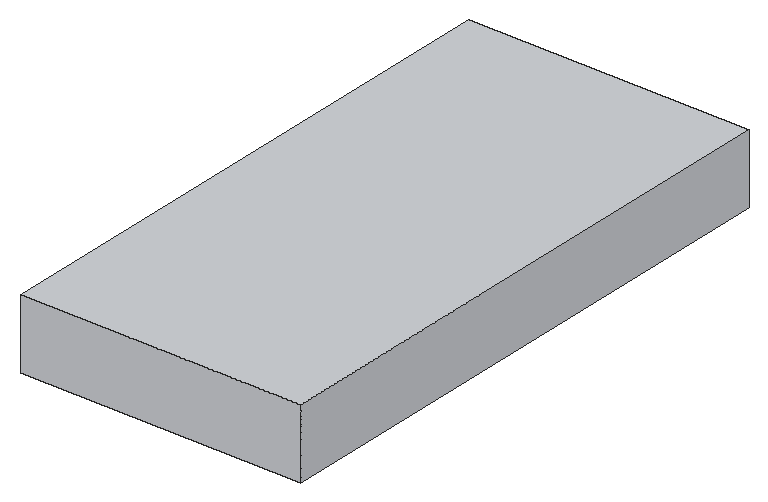
Revit family "Test", category Generic Models, Revit 2021
Family settings
  Can host rebar = No
  Round Connector Dimension = Use Diameter
  Part Type = Normal
  Work Plane-Based = No
  Always vertical = Yes
  Cut with Voids When Loaded = No
  Shared = No
  Room Calculation Point = No
Parameters
  Width [instance] = 1000 mm
  Length [instance] = 2000 mm
  Default Elevation = 0 mm
Reference planes
  plane 1 "Center (Front/Back)": y = 0
  plane 2: z = 0
  plane 3 "Center (Left/Right)": x = 0
Forms (mm)
  Extrusion 1, solid
    sketch origin (0, 0, 0) x (1, 0, 0) y (0, 1, 0)
      loop
        line (500, -1000) -> (500, 1000) -> (-500, 1000) -> (-500, -1000) -> (500, -1000)
    from 0 to 250
Dimensions and locks
  equal spacing: Extrusion 1 sketch curve, plane 3 "Center (Left/Right)", Extrusion 1 sketch curve
  equal spacing: Extrusion 1 sketch curve, plane 1 "Center (Front/Back)", Extrusion 1 sketch curve
  "Width": Extrusion 1 sketch curve to Extrusion 1 sketch curve
  "Length": Extrusion 1 sketch curve to Extrusion 1 sketch curve
  aligned and locked: level to plane 2
